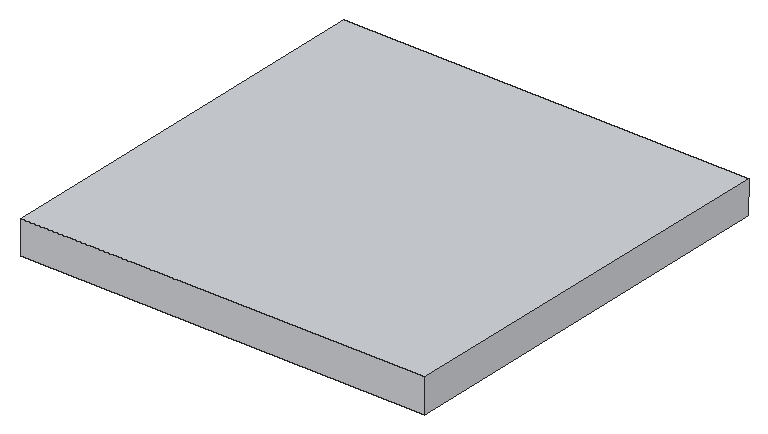
Revit family "bb142f4bdc7e4d36b8263132f1497cd6", category Mechanical Equipment, host Face, Revit 2021
Family settings
  Host = Face
  Round Connector Dimension = Use Diameter
  Part Type = Normal
  OmniClass Number = 23.75.70.21.27
  OmniClass Title = Air Outlets and Inlets
  Seek Item ID = Rectangular Duct Connector - Exhaust Air - Mechanical Equipment-0000-USA-ENU
  Cut with Voids When Loaded = No
  Shared = No
  Room Calculation Point = No
Parameters (values of type "Standard")
  Width [instance] = 12"
  Thickness [instance] = 1"
  Height [instance] = 12"
  Flow [instance] = 100 CFM
  Default Elevation = 0' - 0"
  Assembly Code = ""
Reference planes (in)
  plane 1 "Center (Front/Back)": y = 0
  plane 2: z = 0
  plane 3 "Center (Left/Right)": x = 0
Forms (in)
  Sweep 1, solid
    path in 3D
      loop
        line (0, 0, 0) -> (0, 0, 1)
    profile "Duct - Rectangular : Duct - Rectangular" origin (0, 0, 0.5) x (0, -1, 0) y (1, 0, 0)
      loop
        line (-6, 6) -> (-6, -6) -> (6, -6) -> (6, 6) -> (-6, 6)
Lines and regions (in)
  reference lines
    curve 1: line (0, 0, 0) -> (0, 0, 1)
  sketch lines
    curve 2: line (0, 0, 0) -> (0, 0, 1)
Dimensions and locks (in)
  "Thickness": curve 1 to curve 1
  aligned and locked: plane 2 to host face
  aligned and locked: level to host face
  aligned and locked: host face to curve 1
  aligned and locked: curve 1 to plane 1 "Center (Front/Back)"
Automatic sketch dimensions
  host sketch curve to host sketch curve = 8' - 0"  (x2)
Connectors (in)
  hvac at (0, 0, 1), driven by "Height", driven by "Width", driven by "Flow"
    settings: on Sweep 1, index 1, duct flow 100 CFM, flow factor 0, pres drop 0.00 in-wg, loss coef 0, conn angle 0.00°, conn width 12", conn height 12", conn diameter 24", duct sys type 3, conn prof type 1, flow config 1, flow direction 2, loss method 0, conn ref index -1, conn util no, is conn primary yes, conn desc ""
